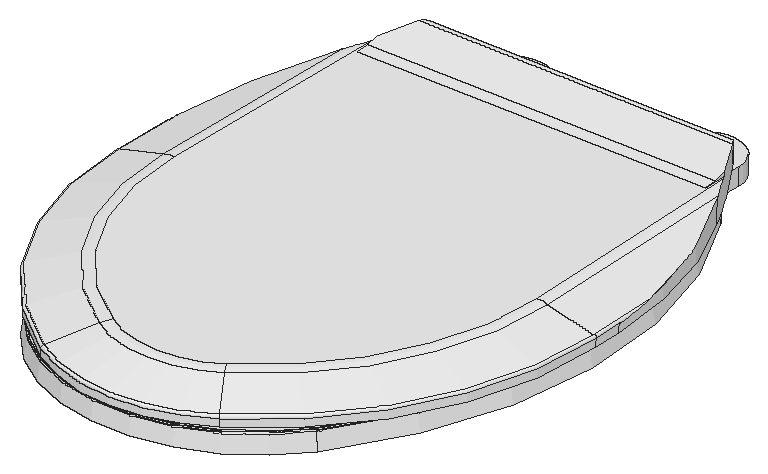
Revit family "Seat-Elongated-American_Standard-Slow_Close-5257A.65C_Series", category Specialty Equipment, Revit 2015
Parameters (values of type "5257A.65C.020")
  Width = 14"  # constant formula
  URL = "https://www.americanstandard-us.com/"
  Type Comments = ""
  Product Page URL = "https://www.americanstandard-us.com/bathroom/toilet-seats-bidet-seats/slow-close-easy-lift-and-clean-elongated-toilet-seat-23346"
  Product Documentation Link = "https://www.americanstandard-us.com/-/media/sites/asus/files/product-specs/bulk/specsheet5257a65c.pdf?la=en"
  Price = "Prices may vary. Please consult Manufacturer Representative for most up-to-date price list."  # constant formula
  Model = "5257A.65C.020"
  Material = "Polypropylene-American Standard-020-White"
  Manufacturer = "American Standard"  # constant formula
  Length = 18 3/4"  # constant formula
  Installation Type = "Surface Mounted"
  Height = 1 7/8"  # constant formula
  Finish = Polypropylene-American Standard-020-White
  Description = "Slow Close Easy Lift and Clean Elongated Toilet Seat"  # constant formula
  Default Elevation = 0"
  Creation Date = "05/07/2019"  # constant formula
  Bowl Shape = "Elongated"
  Assembly Code = "D2010110"
Types (4): name | Model | Material | Finish
  (no name) | "5257A.65C.020" | "Polypropylene-American Standard-020-White" | Polypropylene-American Standard-020-White
  5257A.65C.020 | "5257A.65C.020" | "Polypropylene-American Standard-020-White" | Polypropylene-American Standard-020-White
  5257A.65C.021 | "5257A.65C.021" | "Polypropylene-American Standard-021-Bone" | Polypropylene-American Standard-021-Bone
  5257A.65C.222 | "5257A.65C.222" | "Polypropylene-American Standard-222-Linen" | Polypropylene-American Standard-222-Linen
Reference planes (in)
  plane 1 "Center (Front/Back)": y = 0
  plane 2: z = 0
  plane 3 "Center (Left/Right)": x = 0
  plane 4: y = -17
  plane 5: z = 0.75
  plane 6: y = -4.17745
  plane 7: y = -14.55245
  plane 8: x = -4.375
  plane 9: x = 4.375
  plane 10: z = 1.875
  plane 11: z = 0.75
  plane 12: z = 1.40776
  plane 13: z = 1.58834
  plane 14: y = 1
  plane 15: x = -7
  plane 16: x = 7
  plane 17: y = -18.75
  plane 18: x = -7.125
  plane 19: x = 7.125
  plane 20: y = -18.625
Forms (in)
  Sweep 1, solid, material "Polypropylene-American Standard-020-White" <- "Finish"
    path origin (0, 0, 0) x (1, 0, 0) y (0, 1, 0)
      loop
        line (3.90111, -1.56729) -> (-3.90177, -1.56729)
        arc (-3.90177, -1.56729) -> (-4.52708, -1.72652) -> (-5.00006, -2.16544) r 1.30738
        arc (-5.00006, -2.16544) -> (-6.99563, -9.4369) -> (-4.458, -16.53739) r 12.53334
        arc (-4.458, -16.53739) -> (0, -18.75169) -> (4.458, -16.53739) r 5.59475
        arc (4.458, -16.53739) -> (6.99562, -9.43727) -> (5.00046, -2.16606) r 12.53334
        arc (5.00046, -2.16606) -> (4.52703, -1.72669) -> (3.90111, -1.56729) r 1.30859
    profile origin (-0.00033, -1.56729, 0) x (0, -1, 0) y (0, 0, 1)
      loop
        line (0.03499, 0.2281) -> (0.48847, 0.2281) -> (0.48847, 0.64919) -> (0.40991, 0.64919)
        arc (0.40991, 0.64919) -> (0.36264, 0.65673) -> (0.32008, 0.67861) r 0.15181
        line (0.32008, 0.67861) -> (0.26009, 0.72265)
        arc (0.26009, 0.72265) -> (0.22053, 0.74299) -> (0.1766, 0.75) r 0.14109
        line (0.1766, 0.75) -> (0.13463, 0.75)
        arc (0.13463, 0.75) -> (0.11976, 0.74449) -> (0.11206, 0.73063) r 0.02283
        line (0.11206, 0.73063) -> (0.03499, 0.2281)
  Sweep 2, solid, material "Polypropylene-American Standard-020-White" <- "Finish"
    path origin (0, 0, 0) x (1, 0, 0) y (0, 1, 0)
      loop
        arc (-1.54154, -3.99003) -> (-2.72231, -4.35082) -> (-3.49977, -5.30995) r 2.11257
        arc (-3.49977, -5.30995) -> (-4.12654, -10.24729) -> (-2.23236, -14.84971) r 9.74018
        arc (-2.23236, -14.84971) -> (0, -15.95853) -> (2.23236, -14.84971) r 2.80159
        arc (2.23236, -14.84971) -> (4.1265, -10.2476) -> (3.5, -5.31052) r 9.74018
        arc (3.5, -5.31052) -> (2.72228, -4.35098) -> (1.54106, -3.99003) r 2.11328
        line (1.54106, -3.99003) -> (-1.54154, -3.99003)
    profile origin (-0.00024, -3.99003, 0) x (0, 1, 0) y (0, 0, 1)
      loop
        arc (0.0016, 0.25871) -> (0.00955, 0.23717) -> (0.03065, 0.2281) r 0.02909
        line (0.03065, 0.2281) -> (0.21743, 0.2281) -> (0.21743, 0.64919) -> (0.12337, 0.64919)
        arc (0.12337, 0.64919) -> (0.04989, 0.61987) -> (0.01677, 0.54802) r 0.10675
        line (0.01677, 0.54802) -> (0.0016, 0.25871)
  Extrusion 3, solid, material "Polypropylene-American Standard-020-White" <- "Finish"
    sketch origin (0, -0.28125, 0) x (0, 1, 0) y (0, 0, 1)
      loop
        line (-0.66339, 0) -> (-0.66339, 1.02311)
        arc (-0.66339, 1.02311) -> (-1.13283, 1.4421) -> (-1.49599, 0.92824) r 0.4217
        line (-1.49599, 0.92824) -> (-1.29041, 0.03778)
        arc (-1.29041, 0.03778) -> (-1.27325, 0.0106) -> (-1.24291, 0) r 0.04875
        line (-1.24291, 0) -> (-0.66339, 0)
    from -3.9484 to -2.34743
  Extrusion 4, solid, material "Polypropylene-American Standard-020-White" <- "Finish"
    sketch origin (0, -0.28125, 0) x (0, 1, 0) y (0, 0, 1)
      loop
        line (-1.77415, 0.65543) -> (-1.77415, 0.2281) -> (-1.00986, 0.2281)
        arc (-1.00986, 0.2281) -> (-0.76487, 0.32958) -> (-0.66339, 0.57458) r 0.34648
        line (-0.66339, 0.57458) -> (-0.66339, 1.02311)
        arc (-0.66339, 1.02311) -> (-1.11812, 1.44351) -> (-1.50162, 0.95725) r 0.4217
        arc (-1.50162, 0.95725) -> (-1.50096, 0.92686) -> (-1.50844, 0.8974) r 0.11282
        line (-1.50844, 0.8974) -> (-1.59587, 0.6808)
        arc (-1.59587, 0.6808) -> (-1.61079, 0.66237) -> (-1.63346, 0.65543) r 0.04054
        line (-1.63346, 0.65543) -> (-1.77415, 0.65543)
    from -2.34743 to 2.34743
  Sweep 5, void
    path origin (0, 0, 0.65776) x (1, 0, 0) y (0, 1, 0)
      loop
        line (6.9394, 0) -> (7.12404, -9.53048)
        arc (7.12404, -9.53048) -> (5.98063, -14.32567) -> (2.65308, -17.9628) r 9.83
        arc (2.65308, -17.9628) -> (0, -18.74928) -> (-2.65308, -17.9628) r 4.86818
        arc (-2.65308, -17.9628) -> (-5.98063, -14.32567) -> (-7.12404, -9.53048) r 9.83
        line (-7.12404, -9.53048) -> (-6.9394, 0)
    profile origin (-5.98063, -14.32567, 0.65776) x (-0.883494, -0.468443, 0) y (0, 0, 1)
      loop
        line (0, 0.45365) -> (0, 0.2281) -> (4.14945, 0.2281) -> (4.14945, 1.38471) -> (-1.81943, 1.38471) -> (-1.81943, 0.93058) -> (-1.74392, 0.93058)
        arc (-1.74392, 0.93058) -> (-1.57259, 0.9196) -> (-1.40406, 0.88685) r 1.34258
        line (-1.40406, 0.88685) -> (-0.06367, 0.53612)
        arc (-0.06367, 0.53612) -> (-0.01777, 0.50574) -> (0, 0.45365) r 0.08525
  Extrusion 6, solid, material "Polypropylene-American Standard-020-White" <- "Finish"
    sketch origin (0, -0.28125, 0) x (1, 0, 0) y (0, 1, 0)
      loop
        line (-3.9484, -0.66339) -> (-1.86381, -0.66339) -> (-1.86381, 0.00584)
        arc (-1.86381, 0.00584) -> (-2.9061, 1.04814) -> (-3.9484, 0.00584) r 1.04229
        line (-3.9484, 0.00584) -> (-3.9484, -0.66339)
      loop
        line (3.9484, -0.66339) -> (3.9484, 0.01766)
        arc (3.9484, 0.01766) -> (2.9061, 1.05996) -> (1.86381, 0.01766) r 1.04229
        line (1.86381, 0.01766) -> (1.86381, -0.66339) -> (3.9484, -0.66339)
    from 0 to 0.50216
  Extrusion 7, solid, material "Polypropylene-American Standard-020-White" <- "Finish"
    sketch origin (0, 0, 0) x (0, 1, 0) y (0, 0, 1)
      loop
        line (-1.36893, 1.8747) -> (-2.65548, 1.62462)
        arc (-2.65548, 1.62462) -> (-2.84299, 1.59743) -> (-3.03225, 1.58834) r 1.97459
        line (-3.03225, 1.58834) -> (-19, 1.58834) -> (-19, 0.88586) -> (-2.66013, 0.88586)
        arc (-2.66013, 0.88586) -> (-2.45332, 0.90833) -> (-2.25615, 0.97468) r 0.96314
        line (-2.25615, 0.97468) -> (-1.2312, 1.44825)
        arc (-1.2312, 1.44825) -> (-1.11108, 1.72251) -> (-1.36893, 1.8747) r 0.2257
    from -7.50156 to 7.46968
  Extrusion 8, void
    sketch origin (0, 0, 0) x (1, 0, 0) y (0, 1, 0)
      loop
        line (-5.66207, -3.19733) -> (-4.68602, -1.40074)
        arc (-4.68602, -1.40074) -> (-4.46954, -1.17568) -> (-4.16844, -1.0929) r 0.58903
        line (-4.16844, -1.0929) -> (-3.78041, -1.0929) -> (-3.78041, -0.56325) -> (-7.48103, -0.56325) -> (-7.48103, -9.53048) -> (-7.12404, -9.53048) -> (-7.10722, -8.66232)
        arc (-7.10722, -8.66232) -> (-6.71295, -5.84301) -> (-5.66207, -3.19733) r 11.93203
      loop
        arc (5.66207, -3.19733) -> (6.71295, -5.84301) -> (7.10722, -8.66232) r 11.93203
        line (7.10722, -8.66232) -> (7.12404, -9.53048) -> (7.48103, -9.53048) -> (7.48103, -0.56325) -> (3.78041, -0.56325) -> (3.78041, -1.0929) -> (4.16844, -1.0929)
        arc (4.16844, -1.0929) -> (4.46954, -1.17568) -> (4.68602, -1.40074) r 0.58903
        line (4.68602, -1.40074) -> (5.66207, -3.19733)
    from 0.75 to 2.44739
  Extrusion 9, solid, material "Polypropylene-American Standard-020-White" <- "Finish"
    sketch origin (0, 0, 0) x (1, 0, 0) y (0, 1, 0)
      loop
        arc (-3.90177, -2.05576) -> (-4.29345, -2.1555) -> (-4.58971, -2.43043) r 0.81891
        arc (-4.58971, -2.43043) -> (-6.5075, -9.41849) -> (-4.06878, -16.24225) r 12.04487
        arc (-4.06878, -16.24225) -> (0, -18.26322) -> (4.06878, -16.24225) r 5.10627
        arc (4.06878, -16.24225) -> (6.50749, -9.41885) -> (4.5901, -2.43102) r 12.04487
        arc (4.5901, -2.43102) -> (4.29339, -2.15566) -> (3.90111, -2.05576) r 0.82012
        line (3.90111, -2.05576) -> (-3.90177, -2.05576)
      loop
        arc (-1.54154, -3.7726) -> (-2.84384, -4.17052) -> (-3.70132, -5.22837) r 2.33
        arc (-3.70132, -5.22837) -> (-4.34207, -10.27593) -> (-2.40561, -14.98109) r 9.95761
        arc (-2.40561, -14.98109) -> (0, -16.17596) -> (2.40561, -14.98109) r 3.01901
        arc (2.40561, -14.98109) -> (4.34203, -10.27624) -> (3.70155, -5.22895) r 9.95761
        arc (3.70155, -5.22895) -> (2.84382, -4.17068) -> (1.54106, -3.7726) r 2.33071
        line (1.54106, -3.7726) -> (-1.54154, -3.7726)
    from 0.2281 to 0.64919
  Extrusion 10, solid, material "Polypropylene-American Standard-020-White" <- "Finish"
    sketch origin (0, -0.28125, 0) x (0, 1, 0) y (0, 0, -1)
      loop
        line (-0.66339, 0) -> (-1.24291, 0)
        arc (-1.24291, 0) -> (-1.27325, -0.0106) -> (-1.29041, -0.03778) r 0.04875
        line (-1.29041, -0.03778) -> (-1.49599, -0.92824)
        arc (-1.49599, -0.92824) -> (-1.13283, -1.4421) -> (-0.66339, -1.02311) r 0.4217
        line (-0.66339, -1.02311) -> (-0.66339, 0)
    from -3.9484 to -2.34743
Cuts and joins
  Extrusion 8 cuts Extrusion 6
  Extrusion 8 cuts Sweep 1
  Extrusion 8 cuts Sweep 2
  joined: Sweep 1, Sweep 2, Extrusion 9
  Sweep 5, Extrusion 8 cuts Extrusion 7
Lines and regions (in)
  Masking region 1
    outline origin (0, 0, 0) x (1, 0, 0) y (0, 1, 0)
      loop
        line (-1.86381, -0.94464) -> (-1.86381, -0.27911)
        arc (-1.86381, -0.27911) -> (-2.9061, 0.76318) -> (-3.9484, -0.27911) r 1.04229
        line (-3.9484, -0.27911) -> (-3.9484, -1.10223) -> (-4.27287, -1.10223)
        arc (-4.27287, -1.10223) -> (-4.5134, -1.20448) -> (-4.68602, -1.40074) r 0.58903
        line (-4.68602, -1.40074) -> (-5.66207, -3.19733)
        arc (-5.66207, -3.19733) -> (-6.71295, -5.84301) -> (-7.10722, -8.66232) r 11.93203
        line (-7.10722, -8.66232) -> (-7.12404, -9.53048)
        arc (-7.12404, -9.53048) -> (-5.98063, -14.32567) -> (-2.65308, -17.9628) r 9.83
        arc (-2.65308, -17.9628) -> (0, -18.74928) -> (2.65308, -17.9628) r 4.86818
        arc (2.65308, -17.9628) -> (5.98063, -14.32567) -> (7.12404, -9.53048) r 9.83
        line (7.12404, -9.53048) -> (7.10722, -8.66232)
        arc (7.10722, -8.66232) -> (6.71295, -5.84301) -> (5.66207, -3.19733) r 11.93203
        line (5.66207, -3.19733) -> (4.68602, -1.40074)
        arc (4.68602, -1.40074) -> (4.5134, -1.20448) -> (4.27287, -1.10223) r 0.58903
        line (4.27287, -1.10223) -> (3.9484, -1.10223) -> (3.9484, -0.27911)
        arc (3.9484, -0.27911) -> (2.9061, 0.76318) -> (1.86381, -0.27911) r 1.04229
        line (1.86381, -0.27911) -> (1.86381, -0.94464) -> (-1.86381, -0.94464)
  symbolic lines, detail levels medium+fine
    curve 1: line (-1.86381, -0.94464, 0) -> (-3.9484, -0.94464, 0)
    curve 2: line (1.86381, -0.94464, 0) -> (3.9484, -0.94464, 0)
    curve 3: line (-3.9484, -1.10223, 0) -> (3.9484, -1.10223, 0)
  symbolic lines, detail levels fine
    curve 4: arc (-4.27287, -1.10223, 0) -> (-5.23108, -5.77769, 0) -> (-5.26589, -10.55019, 0) r 24.53235
    curve 5: arc (-5.26589, -10.55019, 0) -> (-4.14166, -13.97955, 0) -> (-1.62912, -16.57021, 0) r 8.02995
    curve 6: arc (4.27287, -1.10223, 0) -> (5.23108, -5.77769, 0) -> (5.26589, -10.55019, 0) r 24.53235
    curve 7: arc (5.26589, -10.55019, 0) -> (4.14166, -13.97955, 0) -> (1.62912, -16.57021, 0) r 8.02995
    curve 8: arc (-1.62912, -16.57021, 0) -> (0, -17.05109, 0) -> (1.62912, -16.57021, 0) r 3
Dimensions and locks (in)
  locked: plane 1 "Center (Front/Back)" to plane 6 at 4.17745
  locked: plane 7 to plane 6 at 10.375
  equal spacing: plane 8, plane 3 "Center (Left/Right)", plane 9
  plane 8 to plane 9 = 8 3/4"
  locked: plane 11 to level at 0.75
  "Height": plane 10 to level
  plane 20 to plane 1 "Center (Front/Back)" = 18 5/8"
  equal spacing: plane 18, plane 3 "Center (Left/Right)", plane 19
  plane 18 to plane 19 = 14 1/4"
  aligned and locked: Extrusion 9 sketch curve to cut or joined group of Sweep 1, Sweep 2, Extrusion 8, Extrusion 9  (x5)
  aligned and locked: Extrusion 9 to cut or joined group of Sweep 1, Sweep 2, Extrusion 8, Extrusion 9
  aligned and locked: cut or joined group of Sweep 1, Sweep 2, Extrusion 8, Extrusion 9 to Extrusion 9
Automatic sketch dimensions
  Sweep 1 sketch curve to plane 3 "Center (Left/Right)" = 0"
  Sweep 1 sketch curve to plane 8 = 0.47323"
  plane 8 to Sweep 1 sketch curve = 1.15381"
  Sweep 1 sketch curve to plane 9 = 0.47389"
  plane 9 to Sweep 1 sketch curve = 1.15381"
  Sweep 1 sketch curve to plane 7 = 1.3955"
  Sweep 1 sketch curve to Sweep 1 sketch curve = 4.19242"  (x2)
  plane 6 to Sweep 1 sketch curve = 1.30157"
  plane 6 to Sweep 1 sketch curve = 1.30278"
  Sweep 1 sketch curve to Sweep 1 sketch curve = 1.30738"
  plane 8 to Sweep 1 sketch curve = 0.083"
  Sweep 1 sketch curve to Sweep 1 sketch curve = 0"  (x2)
  Sweep 1 sketch curve to plane 5 = 0"
  Sweep 1 sketch curve to profile plane = 0.03499"
  Sweep 1 sketch curve to plane 5 = 0.01937"
  Sweep 1 sketch curve to profile plane = 0.11206"
  Sweep 1 sketch curve to plane 5 = 0.02283"
  Sweep 1 sketch curve to Sweep 1 sketch curve = 0.04197"
  Sweep 1 sketch curve to plane 5 = 7/256"
  Sweep 1 sketch curve to Sweep 1 sketch curve = 0.08349"
  Sweep 1 sketch curve to plane 5 = 0.07139"
  Sweep 1 sketch curve to Sweep 1 sketch curve = 0.05999"
  Sweep 1 sketch curve to Sweep 1 sketch curve = 23/256"
  Sweep 1 sketch curve to Sweep 1 sketch curve = 0.07857"
  level to Sweep 1 sketch curve = 0.2281"
  Sweep 1 sketch curve to Sweep 1 sketch curve = 0.02943"
  Sweep 2 sketch curve to plane 3 "Center (Left/Right)" = 0"
  plane 6 to Sweep 2 sketch curve = 0.18742"
  Sweep 2 sketch curve to plane 3 "Center (Left/Right)" = 1.54154"
  plane 8 to Sweep 2 sketch curve = 1.15381"
  plane 3 "Center (Left/Right)" to Sweep 2 sketch curve = 1.54106"
  plane 9 to Sweep 2 sketch curve = 1.15381"
  Sweep 2 sketch curve to plane 6 = 1.92515"
  Sweep 2 sketch curve to plane 6 = 1.92586"
  Sweep 2 sketch curve to plane 6 = 4.78707"
  Sweep 2 sketch curve to Sweep 2 sketch curve = 3.65401"
  Sweep 2 sketch curve to plane 7 = 1.3955"
  plane 7 to Sweep 2 sketch curve = 0.29726"
  Sweep 2 sketch curve to Sweep 2 sketch curve = 0"  (x2)
  Sweep 2 sketch curve to profile plane = 0.0016"
  Sweep 2 sketch curve to profile plane = 0.01677"
  Sweep 2 sketch curve to Sweep 2 sketch curve = 0.02905"
  Sweep 2 sketch curve to profile plane = 0.12337"
  Sweep 2 sketch curve to Sweep 2 sketch curve = 0.09406"
  level to Sweep 2 sketch curve = 0.2281"
  Sweep 2 sketch curve to Sweep 2 sketch curve = 0.02909"
  Sweep 2 sketch curve to Sweep 2 sketch curve = 0.28525"
  Sweep 2 sketch curve to Sweep 2 sketch curve = 0.00559"
  Extrusion 3 sketch curve to level = 0"
  plane 11 to Extrusion 3 sketch curve = 0.17824"
  plane 1 "Center (Front/Back)" to Extrusion 3 sketch curve = 1.77724"
  level to Extrusion 3 sketch curve = 0.03778"
  Extrusion 3 sketch curve to Extrusion 3 sketch curve = 0.20558"
  Extrusion 3 sketch curve to Extrusion 3 sketch curve = 0.0475"
  plane 11 to Extrusion 3 sketch curve = 0.27311"
  Extrusion 3 sketch curve to Extrusion 3 sketch curve = 0.4109"
  Extrusion 4 sketch curve to plane 11 = 0.09457"
  plane 1 "Center (Front/Back)" to Extrusion 4 sketch curve = 2.0554"
  Extrusion 4 sketch curve to plane 11 = 0.05403"
  Extrusion 4 sketch curve to Extrusion 4 sketch curve = 0.14069"
  Extrusion 4 sketch curve to Extrusion 4 sketch curve = 0.02041"
  Extrusion 4 sketch curve to plane 11 = 0.0692"
  plane 11 to Extrusion 4 sketch curve = 0.1474"
  Extrusion 4 sketch curve to Extrusion 4 sketch curve = 0.10462"
  Extrusion 4 sketch curve to Extrusion 4 sketch curve = 0.42335"
  Extrusion 4 sketch curve to plane 11 = 0.17542"
  Extrusion 4 sketch curve to Extrusion 4 sketch curve = 0.07523"
  Extrusion 4 sketch curve to Extrusion 4 sketch curve = 0.34648"
  Extrusion 4 sketch curve to Extrusion 4 sketch curve = 0.04223"
  plane 11 to Extrusion 4 sketch curve = 0.27311"
  plane 1 "Center (Front/Back)" to Sweep 5 sketch curve = 0"  (x2)
  Sweep 5 sketch curve to plane 3 "Center (Left/Right)" = 0"
  Sweep 5 sketch curve to plane 8 = 1.67088"
  Sweep 5 sketch curve to plane 18 = 0.00096"
  Sweep 5 sketch curve to plane 9 = 1.67088"
  Sweep 5 sketch curve to plane 19 = 0.00096"
  Sweep 5 sketch curve to plane 7 = 5.02197"  (x2)
  Sweep 5 sketch curve to Sweep 5 sketch curve = 0.1904"  (x2)
  Sweep 5 sketch curve to plane 7 = 0.67135"
  Sweep 5 sketch curve to Sweep 5 sketch curve = 0"
  plane 15 to Sweep 5 sketch curve = 0.0606"
  plane 16 to Sweep 5 sketch curve = 0.0606"
  Sweep 5 sketch curve to plane 13 = 0"
  Sweep 5 sketch curve to profile plane = 0"
  profile plane to Sweep 5 sketch curve = 0.06367"
  Sweep 5 sketch curve to Sweep 5 sketch curve = 0.02158"
  plane 13 to Sweep 5 sketch curve = 0.04373"
  Sweep 5 sketch curve to Sweep 5 sketch curve = 1.34039"
  Sweep 5 sketch curve to Sweep 5 sketch curve = 87/256"
  Sweep 5 sketch curve to Sweep 5 sketch curve = 0.07551"
  Sweep 5 sketch curve to plane 13 = 0.45413"
  Sweep 5 sketch curve to profile plane = 4.14945"
  profile plane to Sweep 5 sketch curve = 0.2281"
  Sweep 5 sketch curve to Sweep 5 sketch curve = 0.22555"
  plane 17 to Extrusion 7 sketch curve = 1/4"
  Extrusion 7 sketch curve to plane 10 = 0.28666"
  plane 6 to Extrusion 7 sketch curve = 1.1452"
  plane 11 to Extrusion 7 sketch curve = 0.13586"
  Extrusion 7 sketch curve to Extrusion 7 sketch curve = 0.37212"
  Extrusion 7 sketch curve to plane 10 = 0.25038"
  Extrusion 7 sketch curve to Extrusion 7 sketch curve = 0.00465"
  plane 11 to Extrusion 7 sketch curve = 0.22468"
  Extrusion 7 sketch curve to Extrusion 7 sketch curve = 0.40397"
  Extrusion 7 sketch curve to plane 10 = 0.0003"
  Extrusion 7 sketch curve to Extrusion 7 sketch curve = 0.88722"
  Extrusion 7 sketch curve to Extrusion 7 sketch curve = 0.04307"
  Extrusion 7 sketch curve to plane 10 = 0.42675"
  Extrusion 7 sketch curve to Extrusion 7 sketch curve = 0.09467"
  plane 18 to Extrusion 8 sketch curve = 0.35603"
  Extrusion 8 sketch curve to plane 18 = 0.00096"
  Extrusion 8 sketch curve to plane 18 = 0.01778"
  plane 6 to Extrusion 8 sketch curve = 0.98012"  (x2)
  plane 8 to Extrusion 8 sketch curve = 1.28707"
  plane 8 to Extrusion 8 sketch curve = 0.44758"
  plane 8 to Extrusion 8 sketch curve = 0.31102"
  Extrusion 8 sketch curve to plane 8 = 0.20656"
  Extrusion 8 sketch curve to Extrusion 8 sketch curve = 0.38803"
  Extrusion 8 sketch curve to plane 9 = 0.59459"
  Extrusion 8 sketch curve to plane 9 = 0.20656"
  plane 9 to Extrusion 8 sketch curve = 0.31102"
  plane 9 to Extrusion 8 sketch curve = 0.44758"
  plane 9 to Extrusion 8 sketch curve = 1.28707"
  Extrusion 8 sketch curve to plane 19 = 0.01778"
  Extrusion 8 sketch curve to plane 19 = 0.00096"
  plane 19 to Extrusion 8 sketch curve = 0.35603"
  Extrusion 8 sketch curve to plane 6 = 4.48487"
  Extrusion 8 sketch curve to Extrusion 8 sketch curve = 0.23112"
  Extrusion 8 sketch curve to Extrusion 8 sketch curve = 0.86816"  (x2)
  plane 1 "Center (Front/Back)" to Extrusion 8 sketch curve = 1.68193"  (x2)
  Extrusion 8 sketch curve to Extrusion 8 sketch curve = 0.28119"  (x2)
  plane 1 "Center (Front/Back)" to Extrusion 8 sketch curve = 0.56325"  (x2)
  Extrusion 9 sketch curve to Extrusion 9 sketch curve = 0"  (x9)
  Extrusion 9 sketch curve to plane 3 "Center (Left/Right)" = 1.54154"
  plane 3 "Center (Left/Right)" to Extrusion 9 sketch curve = 1.54106"
  Extrusion 9 sketch curve to plane 6 = 1.92586"
  Extrusion 9 sketch curve to plane 6 = 1.92515"
  plane 6 to Extrusion 9 sketch curve = 0.40485"
  Extrusion 10 sketch curve to level = 0"
  plane 11 to Extrusion 10 sketch curve = 0.17824"
  plane 1 "Center (Front/Back)" to Extrusion 10 sketch curve = 1.77724"
  level to Extrusion 10 sketch curve = 0.03778"
  Extrusion 10 sketch curve to Extrusion 10 sketch curve = 0.20558"
  Extrusion 10 sketch curve to Extrusion 10 sketch curve = 0.0475"
  plane 11 to Extrusion 10 sketch curve = 0.27311"
  Extrusion 10 sketch curve to Extrusion 10 sketch curve = 0.4109"
  curve 8 to plane 3 "Center (Left/Right)" = 0"
  curve 7 to plane 8 = 1.64353"
  curve 6 to plane 6 = 4.16456"
  plane 18 to curve 6 = 12.04187"
  curve 5 to plane 9 = 1.64353"
  curve 4 to plane 6 = 4.16456"
  plane 19 to curve 4 = 12.04187"
  plane 1 "Center (Front/Back)" to curve 7 = 9.82741"
  curve 7 to curve 5 = 0"
  curve 8 to plane 7 = 0.50136"
  plane 4 to curve 8 = 0.42979"
  curve 5 to curve 8 = 0"
  curve 1 to plane 3 "Center (Left/Right)" = 1.86381"
  curve 1 to plane 8 = 0.4266"
  curve 3 to curve 1 = 0"
  curve 4 to plane 8 = 0.10213"
  curve 4 to curve 5 = 0"
  curve 7 to curve 8 = 0"
  plane 3 "Center (Left/Right)" to curve 2 = 1.86381"
  curve 2 to plane 9 = 0.4266"
  curve 3 to curve 2 = 0"
  curve 6 to plane 9 = 0.10213"
  curve 6 to curve 7 = 0"
  curve 3 to curve 6 = 0"
  plane 1 "Center (Front/Back)" to curve 2 = 0.94464"
  curve 3 to curve 1 = 0.1576"
  Masking region 1 sketch curve to plane 3 "Center (Left/Right)" = 0"
  Masking region 1 sketch curve to plane 3 "Center (Left/Right)" = 1.86381"
  Masking region 1 sketch curve to plane 8 = 1.67088"
  plane 1 "Center (Front/Back)" to Masking region 1 sketch curve = 0.27911"  (x2)
  Masking region 1 sketch curve to Masking region 1 sketch curve = 1.04229"  (x2)
  Masking region 1 sketch curve to plane 8 = 0.20656"
  Masking region 1 sketch curve to plane 8 = 0.10213"
  plane 8 to Masking region 1 sketch curve = 0.31102"
  plane 8 to Masking region 1 sketch curve = 0.44758"
  plane 8 to Masking region 1 sketch curve = 1.28707"
  Masking region 1 sketch curve to plane 18 = 0.01778"
  Masking region 1 sketch curve to plane 18 = 0.00096"
  plane 3 "Center (Left/Right)" to Masking region 1 sketch curve = 1.86381"
  Masking region 1 sketch curve to plane 9 = 1.67088"
  Masking region 1 sketch curve to plane 9 = 0.20656"
  Masking region 1 sketch curve to plane 9 = 0.10213"
  plane 9 to Masking region 1 sketch curve = 0.31102"
  plane 9 to Masking region 1 sketch curve = 0.44758"
  plane 9 to Masking region 1 sketch curve = 1.28707"
  Masking region 1 sketch curve to plane 19 = 0.01778"
  Masking region 1 sketch curve to plane 19 = 0.00096"
  Masking region 1 sketch curve to Masking region 1 sketch curve = 0.66552"
  Masking region 1 sketch curve to Masking region 1 sketch curve = 0.82312"  (x2)
  Masking region 1 sketch curve to Masking region 1 sketch curve = 0.29851"  (x2)
  plane 6 to Masking region 1 sketch curve = 0.98012"  (x2)
  Masking region 1 sketch curve to plane 6 = 4.48487"
  Masking region 1 sketch curve to Masking region 1 sketch curve = 0.23112"
  Masking region 1 sketch curve to Masking region 1 sketch curve = 0.86816"  (x2)
  Masking region 1 sketch curve to Masking region 1 sketch curve = 0.82744"  (x2)
  Masking region 1 sketch curve to plane 7 = 0.67135"
  Masking region 1 sketch curve to Masking region 1 sketch curve = 0"
  Extrusion 6 sketch curve to plane 8 = 0.4266"
  plane 1 "Center (Front/Back)" to Extrusion 6 sketch curve = 0.27541"
  Extrusion 6 sketch curve to Extrusion 6 sketch curve = 1.04229"  (x2)
  plane 3 "Center (Left/Right)" to Extrusion 6 sketch curve = 1.86381"
  plane 1 "Center (Front/Back)" to Extrusion 6 sketch curve = 0.26359"
  Extrusion 6 sketch curve to Extrusion 6 sketch curve = 0.68105"
  Extrusion 6 sketch curve to Extrusion 6 sketch curve = 0.66923"
